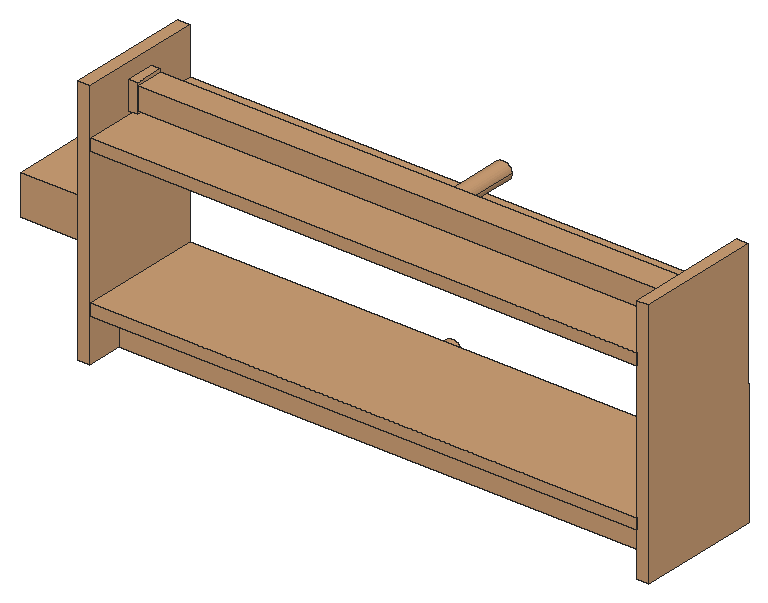
Revit family
Parameters
  Center Of Unit = 0' - 0"  # constant formula
  Water Pressure Drop [instance] = 0.00 psi
  Water Flow [instance] = 0 GPM
  Unit Weight (lbs) = 676
  URL = "http://www.ljwing.com/"
  Water Outlet Radius = 0' - 1 1/2"
  Water Outlet Odd sizes = 0' - 5 23/64"
  Total Heating Capacity [instance] = 0.0 Btu/h
  Temperature Rise [instance] = 0 °F
  Series = "VIFB"
  Outlet Area = 16.10 SF
  Number of Rows = 1  # constant formula
  Number of Coils [instance] = 0
  Nominal Length = 8' - 4 1/2"
  Model = "VA-9"
  Manufacturer = "LJ Wing"
  Leaving Water Temperature [instance] = 0 °F
  Leaving Air Temperature [instance] = 0 °F
  Face Velocity (FPM) [instance] = 0
  Entering Water Temperature [instance] = 0 °F
  Entering Air Temperature [instance] = 0 °F
  Description = "Vertical Integral Face & Bypass Water Heating Coils"
  Hot Water Odd Sizes = 0' - 5 23/64"
  Hot Water Inlet Offset = 0' - 4 3/8"  # constant formula
  Hot Water Inlet  Radius = 0' - 1 1/2"
  Coil Face Area = Outlet Area * 0.56  # 9.016 SF
  Casing Material = ""
  Assembly Code = "D3020300"
  Air Pressure Drop [instance] = 0.00 in-wg
  Air Inlet Width = Nominal Length - 0' 4"  # 8' - 0 1/2"
  Air Inlet Height = Y  # 2' - 0"
  Air Flow [instance] = 0 CFM
  Z = 0' - 2 1/8"
  Y = 2' - 0"
  S = 0' - 9 3/4"
  Product URL = "http://www.ljwing.com/html/vifb.asp"
  OmniClass = "23-75 70 21 14"
  Nominal Height = 3' - 8"
  Nominal Depth = 1' - 10"
  R = 0' - 10 1/4"
  Q = 0' - 5 1/4"
  P = 0' - 5 1/8"
  L = 0' - 5 15/16"
Reference planes (in)
  plane 1 "Center (Front/Back)": y = 0
  plane 2: z = -12
  plane 3 "Center (Left/Right)": x = 0
  plane 4: z = 22.25
  plane 5: x = -50.25
  plane 6: x = 50.25
  plane 7: z = -21.75
  plane 8: z = 0
  plane 9: y = -11
  plane 10: y = 11
  plane 11: z = 12
  plane 12: z = 14
  plane 13: z = -14
  plane 14: x = 48.25
  plane 15: x = -48.25
  plane 16: z = 17.125
  plane 17: z = -15.8125
  plane 18: x = -45
  plane 19: x = 45
  plane 20: y = 13.125
  plane 21: y = 15.375
  plane 22: x = -61.25
  plane 23: x = 5.35938
  plane 24: x = -5.35937
  plane 25: z = 19.125
  plane 26: z = 15.125
  plane 27: y = -2.5
  plane 28: y = 2.5
  plane 29: y = -4.5
Forms (in)
  Extrusion 1, solid, material "Painted Finish"
    sketch origin (0, 6, -9.75) x (1, 0, 0) y (0, 0, 1)
      loop
        line (-50.25, -12) -> (-48.25, -12) -> (-48.25, 32) -> (-50.25, 32) -> (-50.25, -12)
      loop
        line (50.25, -12) -> (50.25, 32) -> (48.25, 32) -> (48.25, -12) -> (50.25, -12)
    from -5 to 17
  Extrusion 2, solid, material "Painted Finish"
    sketch origin (0, 6, 0) x (1, 0, 0) y (0, 0, 1)
      loop
        line (48.25, -12) -> (-48.25, -12) -> (-48.25, -14) -> (48.25, -14) -> (48.25, -12)
      loop
        line (48.25, 12) -> (48.25, 14) -> (-48.25, 14) -> (-48.25, 12) -> (48.25, 12)
    from -5 to 17
  Extrusion 3, solid, material "Painted Finish"
    sketch origin (0, 10, -0.5) x (1, 0, 0) y (0, 0, 1)
      loop
        line (-50.25, 4) -> (-61.25, 4) -> (-61.25, -3) -> (-50.25, -3) -> (-50.25, 4)
    from 0 to 20
  Extrusion 4, solid, material "Painted Finish"
    sketch origin (0, 6, 0) x (1, 0, 0) y (0, 0, 1)
      loop
        line (-46.625, 19.125) -> (-46.625, 15.125) -> (46.625, 15.125) -> (46.625, 19.125) -> (-46.625, 19.125)
    from 3.5 to 8.5
  Extrusion 5, solid, material "Painted Finish"
    sketch origin (0, 0, 0) x (1, 0, 0) y (0, 0, 1)
      loop
        line (-46.625, 14.625) -> (-46.625, 19.625) -> (-48.25, 19.625) -> (-48.25, 14.625) -> (-46.625, 14.625)
      loop
        line (48.25, 14.625) -> (48.25, 19.625) -> (46.625, 19.625) -> (46.625, 14.625) -> (48.25, 14.625)
    from -2.5 to 2.5
  Extrusion 6, solid, material "Painted Finish"
    sketch origin (0, 23, 0) x (1, 0, 0) y (0, 0, 1)
      loop
        circle (5.35938, 17.125) r 1.5
    from 9.875 to 20.5
  Extrusion 7, solid, material "Painted Finish"
    sketch origin (0, 6, 0) x (1, 0, 0) y (0, 0, 1)
      loop
        line (-48.25, -14) -> (-48.25, -21.75) -> (48.25, -21.75) -> (48.25, -14) -> (-48.25, -14)
    from -5 to 10.5
  Extrusion 8, solid, material "Painted Finish"
    sketch origin (0, 23, 0) x (1, 0, 0) y (0, 0, 1)
      loop
        circle (-5.35937, -15.8125) r 1.5
    from 7.625 to 12
  Extrusion 9, void
    sketch origin (0, 0, 0) x (1, 0, 0) y (0, 0, 1)
      loop
        line (-48.25, 12) -> (-48.25, -12) -> (48.25, -12) -> (48.25, 12) -> (-48.25, 12)
    from -11 to 11
Cuts and joins
  Extrusion 9 cuts Extrusion 1
  Extrusion 9 cuts Extrusion 2
Dimensions and locks (in)
  "Nominal Length": plane 6 to plane 5
  equal spacing: plane 6, plane 3 "Center (Left/Right)", plane 5
  "S": plane 2 to plane 7
  "Nominal Depth": plane 10 to plane 9
  equal spacing: plane 10, plane 1 "Center (Front/Back)", plane 9
  "Y": plane 11 to plane 2
  "R": plane 4 to plane 11
  locked: plane 12 to plane 11 at 2
  locked: plane 2 to plane 13 at 2
  "P": plane 4 to plane 16
  "L": plane 17 to plane 7
  "Q": plane 18 to plane 5
  "Q": plane 6 to plane 19
  "Z": plane 20 to plane 10
  "Hot Water Inlet Offset": plane 21 to plane 10
  locked: plane 5 to plane 22 at 11
  locked: Extrusion 3 sketch curve to Extrusion 3 sketch curve at 7
  locked: Extrusion 3 to Extrusion 3 at 20
  locked: plane 6 to plane 14 at 2
  locked: plane 15 to plane 5 at 2
  "Water Outlet Odd sizes": plane 23 to plane 3 "Center (Left/Right)"
  "Hot Water Odd Sizes": plane 3 "Center (Left/Right)" to plane 24
  equal spacing: plane 25, plane 16, plane 26
  locked: Extrusion 5 sketch curve to plane 25 at 0.5
  locked: plane 26 to Extrusion 5 sketch curve at 0.5
  locked: Extrusion 6 sketch curve to plane 16 at 0
  locked: Extrusion 6 sketch curve to plane 23 at 0
  locked: Extrusion 8 sketch curve to plane 17 at 0
  locked: Extrusion 8 sketch curve to plane 24 at 0
  locked: plane 25 to plane 26 at 4
  locked: plane 28 to plane 27 at 5
  equal spacing: plane 28, plane 1 "Center (Front/Back)", plane 27
  locked: plane 27 to plane 29 at 2
  plane 4 to plane 7 = 3' - 8"
  locked: Extrusion 5 sketch curve to Extrusion 1 at 1.625
  locked: Extrusion 5 sketch curve to Extrusion 5 sketch curve at 1.625
  locked: Extrusion 9 sketch curve to plane 11 at 0
  locked: Extrusion 9 sketch curve to plane 15 at 0
  locked: Extrusion 9 sketch curve to plane 14 at 0
  locked: Extrusion 9 sketch curve to plane 2 at 0
  equal spacing: plane 11, plane 8, plane 2
  "Water Outlet Radius": radius of Extrusion 6 sketch curve
  "Hot Water Inlet  Radius": radius of Extrusion 8 sketch curve
  aligned and locked: plane 9 to Extrusion 1
  aligned and locked: Extrusion 1 to plane 10
  aligned and locked: plane 15 to Extrusion 1
  aligned and locked: Extrusion 1 to plane 14
  aligned and locked: plane 9 to Extrusion 2
  aligned and locked: Extrusion 1 to plane 9
  aligned and locked: plane 10 to Extrusion 1  (x2)
  aligned and locked: Extrusion 2 to plane 10
  aligned and locked: plane 10 to Extrusion 2  (x2)
  aligned and locked: Extrusion 2 to plane 9  (x2)
  aligned and locked: plane 5 to Extrusion 3
  aligned and locked: Extrusion 5 sketch curve to plane 15
  aligned and locked: Extrusion 5 sketch curve to Extrusion 4
  aligned and locked: Extrusion 6 to plane 20
  aligned and locked: Extrusion 1 to Extrusion 7
  aligned and locked: plane 10 to Extrusion 8
  aligned and locked: Extrusion 8 to plane 21  (x2)
  aligned and locked: plane 27 to Extrusion 5
  aligned and locked: Extrusion 5 to Extrusion 4  (x2)
  aligned and locked: Extrusion 5 to plane 28
  aligned and locked: Extrusion 6 to Extrusion 4
  aligned and locked: plane 29 to Extrusion 7
  aligned and locked: Extrusion 8 to Extrusion 7
  aligned and locked: Extrusion 4 to Extrusion 5  (x2)
  aligned and locked: Extrusion 5 to Extrusion 1  (x2)
  aligned and locked: plane 2 to Extrusion 2
  aligned and locked: plane 6 to Extrusion 1 sketch curve
  aligned and locked: plane 14 to Extrusion 1 sketch curve
  aligned and locked: Extrusion 1 sketch curve to plane 15
  aligned and locked: Extrusion 1 sketch curve to plane 5
  aligned and locked: plane 7 to Extrusion 1 sketch curve  (x2)
  aligned and locked: Extrusion 1 sketch curve to plane 4  (x2)
  aligned and locked: Extrusion 2 sketch curve to plane 11
  aligned and locked: Extrusion 2 sketch curve to plane 12
  aligned and locked: Extrusion 2 sketch curve to plane 14  (x2)
  aligned and locked: Extrusion 2 sketch curve to plane 15  (x2)
  aligned and locked: Extrusion 2 sketch curve to plane 13
  aligned and locked: plane 2 to Extrusion 2 sketch curve
  aligned and locked: plane 13 to Extrusion 7 sketch curve
  aligned and locked: Extrusion 7 sketch curve to plane 7
  aligned and locked: Extrusion 7 sketch curve to plane 14
  aligned and locked: plane 15 to Extrusion 7 sketch curve
  aligned and locked: Extrusion 7 to plane 29
  aligned and locked: cut or joined group of Extrusion 1, Extrusion 9 to plane 10
Automatic sketch dimensions
  Extrusion 3 sketch curve to plane 22 = 0' - 0"
  Extrusion 3 sketch curve to plane 5 = 0' - 0"
  plane 8 to Extrusion 3 sketch curve = 0' - 3 1/2"
  Extrusion 4 sketch curve to plane 25 = 0' - 0"
  Extrusion 4 sketch curve to plane 26 = 0' - 0"
  Extrusion 4 sketch curve to plane 18 = 0' - 1 5/8"
  plane 19 to Extrusion 4 sketch curve = 0' - 1 5/8"
  plane 26 to Extrusion 5 sketch curve = 0' - 0 1/2"
  Extrusion 5 sketch curve to plane 25 = 0' - 0 1/2"
Connectors (in)
  hvac at (0, -11, 0), driven by "Air Inlet Height", driven by "Air Inlet Width", driven by "Air Flow", driven by "Air Pressure Drop"
    settings: on Extrusion 9, index 1
  hvac at (0, 11, 0), driven by "Air Pressure Drop", driven by "Air Inlet Height", driven by "Air Inlet Width", driven by "Air Flow"
    settings: on Extrusion 9, index 2
  piping at (5.35938, 13.125, 17.125), driven by "Water Flow", driven by "Water Outlet Radius", driven by "Water Pressure Drop"
    settings: on Extrusion 6, index 3
  piping at (-5.35937, 15.375, -15.8125), driven by "Water Flow", driven by "Water Pressure Drop", driven by "Hot Water Inlet  Radius"
    settings: on Extrusion 8, index 4
